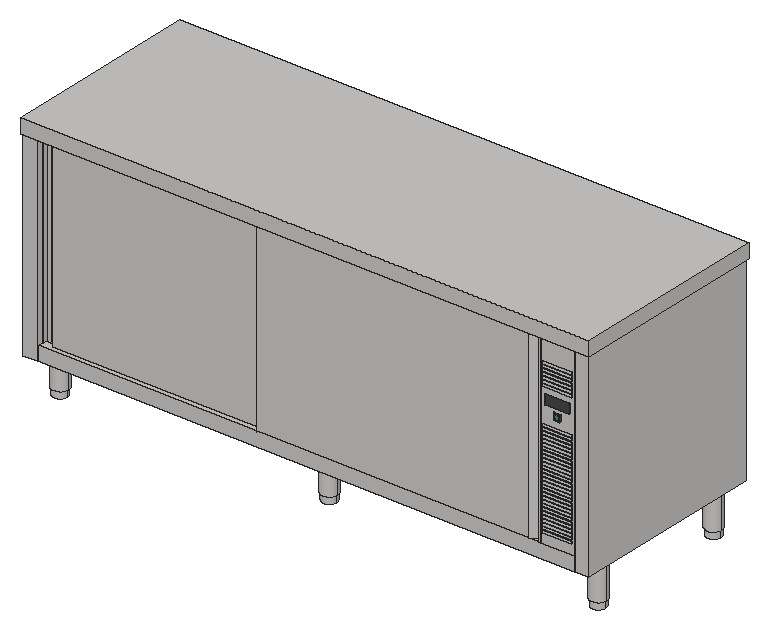
Revit family "QF_ZANUSSI_132790_MTC2000PN", category Attrezzature speciali, Revit 2020
Family settings
  Quota connettore circolare = Usa diametro
  Tipo di parte = Normale
  Basato su piano di lavoro = No
  Sempre verticale = Sì
  Taglio con vuoti quando caricato = No
  Condiviso = No
  Punto di calcolo locali = No
Parameters (values of type "Standard")
  Weight = 75.00 kg
  Watts = 2400 W
  Volts = 220 V
  URL Manufacturer = "http://www.zanussiprofessional.com"
  URL = "http://www.zanussiprofessional.com"
  Steam Supply Size = 0 mm
  Steam Supply Minimum Pressure = 0.0 Pa
  Steam Supply Maximum Pressure = 0.0 Pa
  Steam Consumption per Hour = 0
  Refrigeration Suction Line Size = 0.0 mm
  Refrigeration Liquid Line Size = 0.0 mm
  Refrigerant Compressor Remote = yes
  Prospetto di default = 0.0 mm
  Produttore = "Zanussi"
  Phase = 1
  Modello = "MTC2000PN"
  Length Actual = 2000.0 mm  # constant formula
  Item Number = "132790"
  Hot Water Size = 0 mm
  Height Actual = 900.0 mm  # constant formula
  HP = "3.2 HP"
  Gas Size = 0 mm
  Gas KW = 0
  Gas Input Pressure = 0 W
  Direct Waste Size = 0 mm
  Descrizione = "HOT CUPB.VENTIL.+SHELF+SLIDING D. 2000MM"
  Depth Actual = 700.0 mm  # constant formula
  Cycle = 50 Hz
  Condensate Return Size = 0 mm
  Compressed Air Volume = 0.0 L/s
  Compressed Air Size = 0 mm
  Compressed Air Pressure = 0.0 Pa
  Cold Water Size = 0 mm
  Accessory = yes
Reference planes
  plane 1 "Center (Front/Back)": y = 0
  plane 2: z = 0
  plane 3 "Center (Left/Right)": x = -500
  plane 4 "LEFT": x = -1500
  plane 5 "RIGHT": x = 500
  plane 6 "BACK": y = 350
  plane 7 "FRONT": y = -350
  plane 8 "Base": z = 850
  plane 9 "TOP": z = 900
  plane 10: x = -1446.5
  plane 11: x = 446.5
  plane 12: y = 264.5
  plane 13: y = -241.5
  plane 14 "BodyLeft": x = -1494.5
  plane 15 "BodyFront": y = -344.5
  plane 16 "BodyRight": x = 494.5
  plane 17 "BodyBack": y = 344.5
  plane 18 "FEET": z = 150
  plane 19: x = 324.5
  plane 20: x = -561
  plane 21: x = 444.5
  plane 22 "EIx": x = 400
  plane 23 "EIy": y = -170
Forms (mm)
  Extrusion 1, solid, material "QF_Finishes_Stainless Steel"
    sketch origin (-500, 0, 0) x (0, 1, 0) y (0, 0, 1)
      loop
        line (-350, 850) -> (350, 850) -> (350, 900) -> (-350, 900) -> (-350, 850)
    from 1000 to -1000
  Extrusion 2, solid, material "QF_Finishes_Stainless Steel"
    sketch origin (0, 0, 150) x (-1, 0, 0) y (0, -1, 0)
      loop
        line (1494.5, -344.5) -> (1494.5, 344.5) -> (1444.5, 344.5) -> (1444.5, -344.5) -> (1494.5, -344.5)
      loop
        line (-444.5, -344.5) -> (-444.5, 344.5) -> (-494.5, 344.5) -> (-494.5, -344.5) -> (-444.5, -344.5)
    from 0 to 700
  Extrusion 3, solid, material "QF_Finishes_Stainless Steel"
    sketch origin (0, 0, 150) x (-1, 0, 0) y (0, -1, 0)
      loop
        line (1444.5, -344.5) -> (1444.5, 344.5) -> (-444.5, 344.5) -> (-444.5, -344.5) -> (1444.5, -344.5)
    from 0 to 50
  Extrusion 4, solid, material "QF_Finishes_Stainless Steel"
    sketch origin (-1, 0, 150) x (-1, 0, 0) y (0, -1, 0)
      loop
        line (-325.5, 344.5) -> (-325.5, 324.5) -> (670.5, 324.5) -> (670.5, 344.5) -> (-285.5, 344.5) -> (-305.5, 329.5) -> (-320.5, 329.5) -> (-320.5, 344.5) -> (-325.5, 344.5)
    from 50 to 700
  Extrusion 5, solid, material "QF_Finishes_Stainless Steel"
    sketch origin (1, 20, 150) x (1, 0, 0) y (0, 1, 0)
      loop
        line (-1445.5, -344.5) -> (-1440.5, -344.5) -> (-1440.5, -329.5) -> (-1425.5, -329.5) -> (-1405.5, -344.5) -> (-451.5, -344.5) -> (-451.5, -324.5) -> (-1445.5, -324.5) -> (-1445.5, -344.5)
    from 50 to 700
  Extrusion 6, solid, material "QF_Finishes_Stainless Steel"
    sketch origin (0, 0, 0) x (1, 0, 0) y (0, 1, 0)
      loop
        line (-1444.5, -304.5) -> (324.5, -304.5) -> (324.5, 324.5) -> (-1444.5, 324.5) -> (-1444.5, -304.5)
    from 500 to 540
  Extrusion 7, solid, material "QF_Finishes_Stainless Steel"
    sketch origin (0, 0, 0) x (1, 0, 0) y (0, 1, 0)
      loop
        line (444.5, 344.5) -> (-1444.5, 344.5) -> (-1444.5, 324.5) -> (444.5, 324.5) -> (444.5, 344.5)
    from 200 to 850
  Extrusion 8, solid, material "QF_Finishes_Stainless Steel"
    sketch origin (0, 0, 150) x (-1, 0, 0) y (0, -1, 0)
      loop
        circle (-400, 170) r 10
    from 0 to -5
Cuts and joins
  joined: Extrusion 3, Extrusion 7
Lines and regions (mm)
  symbolic lines
    curve 1: line (500, 350, 900) -> (-1500, 350, 900)
    curve 2: line (-1500, 350, 900) -> (-1500, -350, 900)
    curve 3: line (-1500, -350, 900) -> (500, -350, 900)
    curve 4: line (500, -350, 900) -> (500, 350, 900)
  symbolic lines, style "SpecialityEquipmentHiddenLines"
    curve 5: line (-1494.5, 344.5, 150) -> (494.5, 344.5, 150)
    curve 6: line (-1494.5, -344.5, 150) -> (-1494.5, 344.5, 150)
    curve 7: line (494.5, -344.5, 150) -> (-1494.5, -344.5, 150)
    curve 8: line (494.5, 344.5, 150) -> (494.5, -344.5, 150)
    curve 9: line (-1445.5, -304.5, 150) -> (-449.5, -304.5, 150)
    curve 10: line (-449.5, -304.5, 150) -> (-449.5, -324.5, 150)
    curve 11: line (-1445.5, -324.5, 150) -> (444.5, -324.5, 150)
    curve 12: line (444.5, -324.5, 150) -> (444.5, -344.5, 150)
    curve 13: line (-1445.5, -304.5, 150) -> (-1445.5, -324.5, 150)
    curve 14: line (-671.5, -344.5, 0) -> (-671.5, -324.5, 0)
Dimensions and locks
  plane 4 "LEFT" to plane 5 "RIGHT" = 2000.0 mm
  equal spacing: plane 4 "LEFT", plane 3 "Center (Left/Right)", plane 5 "RIGHT"
  locked: plane 8 "Base" to level at 850
  plane 9 "TOP" to level = 900.0 mm
  plane 6 "BACK" to plane 7 "FRONT" = 700.0 mm
  equal spacing: plane 6 "BACK", plane 1 "Center (Front/Back)", plane 7 "FRONT"
  locked: plane 4 "LEFT" to plane 14 "BodyLeft" at 5.5
  locked: plane 16 "BodyRight" to plane 5 "RIGHT" at 5.5
  locked: plane 15 "BodyFront" to plane 7 "FRONT" at 5.5
  locked: plane 6 "BACK" to plane 17 "BodyBack" at 5.5
  locked: plane 14 "BodyLeft" to plane 10 at 48
  locked: plane 11 to plane 16 "BodyRight" at 48
  locked: plane 13 to plane 15 "BodyFront" at 103
  locked: plane 17 "BodyBack" to plane 12 at 80
  plane 10 to plane 11 = 1893.0 mm
  plane 12 to plane 13 = 506.0 mm
  locked: plane 14 "BodyLeft" to Extrusion 2 sketch curve at 50
  locked: Extrusion 2 sketch curve to Extrusion 2 sketch curve at 50
  equal spacing: plane 10, plane 20, plane 19
  locked: plane 21 to plane 16 "BodyRight" at 50
  locked: plane 19 to plane 21 at 120
  locked: Extrusion 4 sketch curve to plane 20 at 110.5
  locked: plane 20 to Extrusion 5 sketch curve at 110.5
  locked: plane 18 "FEET" to level at 150
  locked: plane 22 "EIx" to plane 5 "RIGHT" at 100
  plane 23 "EIy" to plane 7 "FRONT" = 180.0 mm
  aligned and locked: level to plane 2
  aligned and locked: plane 10 to nested 1
  aligned and locked: nested 1 to plane 13
  aligned and locked: plane 11 to nested 2
  aligned and locked: nested 2 to plane 13
  aligned and locked: plane 11 to nested 4
  aligned and locked: nested 4 to plane 12
  aligned and locked: plane 10 to nested 3
  aligned and locked: nested 3 to plane 12
  aligned and locked: Extrusion 1 to plane 4 "LEFT"
  aligned and locked: plane 5 "RIGHT" to Extrusion 1
  aligned and locked: curve 2 to plane 4 "LEFT"
  aligned and locked: plane 17 "BodyBack" to Extrusion 2 sketch curve
  aligned and locked: Extrusion 2 sketch curve to plane 15 "BodyFront"
  aligned and locked: Extrusion 2 sketch curve to plane 14 "BodyLeft"
  aligned and locked: plane 16 "BodyRight" to Extrusion 2 sketch curve
  aligned and locked: Extrusion 2 sketch curve to plane 17 "BodyBack"
  aligned and locked: plane 15 "BodyFront" to Extrusion 2 sketch curve
  aligned and locked: Extrusion 3 sketch curve to plane 17 "BodyBack"
  aligned and locked: plane 15 "BodyFront" to Extrusion 3 sketch curve
  aligned and locked: plane 8 "Base" to Extrusion 2
  aligned and locked: plane 8 "Base" to Extrusion 4
  aligned and locked: Extrusion 4 to Extrusion 3
  aligned and locked: Extrusion 1 to plane 8 "Base"
  aligned and locked: plane 9 "TOP" to Extrusion 1
  aligned and locked: curve 5 to plane 17 "BodyBack"
  aligned and locked: plane 14 "BodyLeft" to curve 6
  aligned and locked: plane 15 "BodyFront" to curve 7
  aligned and locked: plane 16 "BodyRight" to curve 8
  aligned and locked: Extrusion 3 to Extrusion 2  (x2)
  aligned and locked: Extrusion 6 sketch curve to Extrusion 2
  aligned and locked: Extrusion 6 sketch curve to Extrusion 5
  aligned and locked: nested 5 to plane 21
  aligned and locked: Extrusion 7 sketch curve to Extrusion 2
  aligned and locked: Extrusion 6 sketch curve to plane 19
  aligned and locked: plane 3 "Center (Left/Right)" to nested 6
  aligned and locked: plane 3 "Center (Left/Right)" to nested 7
Automatic sketch dimensions
  curve 14 to plane 15 "BodyFront" = 0.0 mm
  plane 15 "BodyFront" to curve 14 = 20.0 mm
  curve 14 to plane 20 = 110.5 mm
  curve 3 to plane 7 "FRONT" = 0.0 mm
  curve 4 to plane 6 "BACK" = 0.0 mm
  Extrusion 1 sketch curve to plane 7 "FRONT" = 0.0 mm
  Extrusion 1 sketch curve to plane 6 "BACK" = 0.0 mm
  Extrusion 1 sketch curve to plane 8 "Base" = 0.0 mm
  Extrusion 1 sketch curve to plane 9 "TOP" = 0.0 mm
  Extrusion 3 sketch curve to plane 21 = 0.0 mm
  plane 10 to Extrusion 3 sketch curve = 2.0 mm
  Extrusion 4 sketch curve to plane 19 = 0.0 mm
  Extrusion 4 sketch curve to plane 15 "BodyFront" = 0.0 mm  (x2)
  Extrusion 4 sketch curve to Extrusion 4 sketch curve = 5.0 mm
  Extrusion 4 sketch curve to Extrusion 4 sketch curve = 15.0 mm  (x2)
  Extrusion 4 sketch curve to Extrusion 4 sketch curve = 20.0 mm  (x2)
  Extrusion 5 sketch curve to plane 15 "BodyFront" = 20.0 mm  (x2)
  Extrusion 5 sketch curve to plane 10 = 42.0 mm
  Extrusion 5 sketch curve to plane 10 = 22.0 mm
  Extrusion 5 sketch curve to plane 10 = 7.0 mm
  Extrusion 5 sketch curve to plane 10 = 2.0 mm
  Extrusion 5 sketch curve to Extrusion 5 sketch curve = 15.0 mm
  Extrusion 5 sketch curve to Extrusion 5 sketch curve = 20.0 mm
  curve 12 to plane 21 = 0.0 mm
  curve 7 to plane 15 "BodyFront" = 0.0 mm
  plane 3 "Center (Left/Right)" to curve 9 = 50.5 mm
  plane 10 to curve 11 = 1.0 mm
  plane 15 "BodyFront" to curve 9 = 40.0 mm
  curve 11 to curve 12 = 20.0 mm
  plane 12 to Extrusion 6 sketch curve = 60.0 mm
  Extrusion 7 sketch curve to plane 17 "BodyBack" = 0.0 mm
  Extrusion 7 sketch curve to plane 21 = 0.0 mm
  Extrusion 7 sketch curve to plane 17 "BodyBack" = 20.0 mm
  curve 4 to plane 5 "RIGHT" = 0.0 mm
  Extrusion 8 sketch curve to plane 22 "EIx" = 0.0 mm
  Extrusion 8 sketch curve to plane 23 "EIy" = 0.0 mm
  radius of Extrusion 8 sketch curve = 10.0 mm
Nested families
  nested 1: "FEET_D58-150" at (-1446.5, -241.5, 0), type "FEET_D58-150"
  nested 2: "FEET_D58-150" at (446.5, -241.5, 0), type "FEET_D58-150"
  nested 3: "FEET_D58-150" at (-1446.5, 264.5, 0), type "FEET_D58-150"
  nested 4: "FEET_D58-150" at (446.5, 264.5, 0), type "FEET_D58-150"
  nested 5: "WT_PNL120x650" at (531.42, -304.5, 600) x (1, 0, 0) z (0, -1, 0), type "WT_PNL120x650"
    with Show Logo yes
  nested 6: "FEET_D58-150" at (-500, -241.5, 0), type "FEET_D58-150"
  nested 7: "FEET_D58-150" at (-500, 264.5, 0), type "FEET_D58-150"
Connectors
  electrical at (400, -170, 145)
    settings: on Extrusion 8, index 1, voltage 0 V, apparent load 0 VA, apparent load phase1 0 VA, apparent load phase2 0 VA, apparent load phase3 0 VA, power factor 1, load classification "Other", number of poles 1, system type 30, power factor state 1, is connector primary yes, connector utility no, sub classification motor no, connector description "Electrical connection"
Definition of nested family "FEET_D58-150"
  Parameters
    Default Elevation = 0.0 mm
    FEET = 150.0 mm
  Reference planes
    plane 1 "Center (Front/Back)": y = 0
    plane 2: z = 0
    plane 3 "Center (Left/Right)": x = 0
    plane 4: z = 150
  Forms (mm)
    Extrusion 1, solid
      sketch origin (0, 0, 0) x (1, 0, 0) y (0, 1, 0)
        loop
          circle (0, 0) r 25
      from 0 to 25
    Extrusion 2, solid
      sketch origin (0, 0, 0) x (1, 0, 0) y (0, 1, 0)
        loop
          circle (0.061, 0) r 29
      from 25 to 150 <- "FEET"
  Lines and regions (mm)
    symbolic lines
      curve 1: line (0, -1.503, 0) -> (0, 1.508, 0)
      curve 2: line (1.561, 0, 0) -> (-1.439, 0, 0)
  Dimensions and locks
    "FEET": plane 4 to plane 2
    aligned and locked: level to plane 2
  Automatic sketch dimensions
    plane 1 "Center (Front/Back)" to Extrusion 1 sketch curve = 0.0 mm
    Extrusion 1 sketch curve to plane 3 "Center (Left/Right)" = 0.0 mm
    plane 1 "Center (Front/Back)" to curve 2 = 0.0 mm
    curve 1 to plane 3 "Center (Left/Right)" = 0.0 mm
    curve 2 to plane 3 "Center (Left/Right)" = 1.439 mm
    plane 3 "Center (Left/Right)" to curve 2 = 1.561 mm
    plane 1 "Center (Front/Back)" to curve 1 = 1.503 mm
    curve 1 to plane 1 "Center (Front/Back)" = 1.508 mm
    plane 1 "Center (Front/Back)" to Extrusion 2 sketch curve = 0.0 mm
    plane 3 "Center (Left/Right)" to Extrusion 2 sketch curve = 0.061 mm
    radius of Extrusion 1 sketch curve = 25.0 mm
    radius of Extrusion 2 sketch curve = 29.0 mm
Definition of nested family "WT_PNL120x650"
  Parameters
    Show Logo [instance] = yes
    Default Elevation = 1219.2 mm
  Reference planes
    plane 1 "Center (Front/Back)": y = -75
    plane 2: z = 0
    plane 3 "Center (Left/Right)": x = -146.92
    plane 4: x = -206.92
    plane 5: x = -86.92
    plane 6: y = 250
    plane 7: y = -400
    plane 8 "TOP": z = 40
  Forms (mm)
    Extrusion 1, solid
      sketch origin (0, 0, 0) x (1, 0, 0) y (0, 1, 0)
        loop
          line (-1219.2, 1219.2) -> (-1219.2, -1219.2) -> (1219.2, -1219.2) -> (1219.2, 1219.2) -> (-1219.2, 1219.2)
      from 0 to -304.8
    Extrusion 2, solid
      sketch origin (0, 0, 0) x (1, 0, 0) y (0, 1, 0)
        loop
          line (-206.92, 250) -> (-206.92, -400) -> (-86.92, -400) -> (-86.92, 250) -> (-206.92, 250)
      from 0 to 40
    Extrusion 3, void
      sketch origin (0, 0, 40) x (-1, 0, 0) y (0, -1, 0)
        loop
          arc (101.92, -68.899) -> (103.795, -73.256) -> (108.247, -74.89) r 6
          line (108.247, -74.89) -> (185.92, -74.89)
          arc (185.92, -74.89) -> (190.163, -73.133) -> (191.92, -68.89) r 6
          line (191.92, -68.89) -> (191.92, -45.89)
          arc (191.92, -45.89) -> (190.163, -41.648) -> (185.92, -39.89) r 6
          line (185.92, -39.89) -> (107.92, -39.89)
          arc (107.92, -39.89) -> (103.677, -41.648) -> (101.92, -45.89) r 6
          line (101.92, -45.89) -> (101.92, -68.899)
        loop
          line (158.92, -27.89) -> (158.92, -2.89) -> (134.92, -2.89) -> (134.92, -27.89) -> (158.92, -27.89)
      from -2 to 0
    Extrusion 4, solid
      sketch origin (0, 0, 40) x (-1, 0, 0) y (0, -1, 0)
        loop
          line (185.92, -39.89) -> (107.92, -39.89)
          arc (107.92, -39.89) -> (103.677, -41.648) -> (101.92, -45.89) r 6
          line (101.92, -45.89) -> (101.92, -68.899)
          arc (101.92, -68.899) -> (103.795, -73.256) -> (108.247, -74.89) r 6
          line (108.247, -74.89) -> (185.92, -74.89)
          arc (185.92, -74.89) -> (190.163, -73.133) -> (191.92, -68.89) r 6
          line (191.92, -68.89) -> (191.92, -45.89)
          arc (191.92, -45.89) -> (190.163, -41.648) -> (185.92, -39.89) r 6
      from -2 to 1
    Extrusion 5, solid
      sketch origin (-146.92, 0, 0) x (0, 1, 0) y (0, 0, 1)
        loop
          line (95.896, 40) -> (104.899, 40) -> (95.896, 41.206) -> (95.896, 40)
        loop
          line (107.896, 40) -> (116.899, 40) -> (107.896, 41.206) -> (107.896, 40)
        loop
          line (119.896, 40) -> (128.899, 40) -> (119.896, 41.206) -> (119.896, 40)
        loop
          line (131.896, 40) -> (140.899, 40) -> (131.896, 41.206) -> (131.896, 40)
        loop
          line (143.896, 40) -> (152.899, 40) -> (143.896, 41.206) -> (143.896, 40)
        loop
          line (155.896, 40) -> (164.899, 40) -> (155.896, 41.206) -> (155.896, 40)
        loop
          line (167.896, 40) -> (176.899, 40) -> (167.896, 41.206) -> (167.896, 40)
        loop
          line (-102.104, 40) -> (-93.101, 40) -> (-102.104, 41.206) -> (-102.104, 40)
        loop
          line (-90.104, 40) -> (-81.101, 40) -> (-90.104, 41.206) -> (-90.104, 40)
        loop
          line (-78.104, 40) -> (-69.101, 40) -> (-78.104, 41.206) -> (-78.104, 40)
        loop
          line (-66.104, 40) -> (-57.101, 40) -> (-66.104, 41.206) -> (-66.104, 40)
        loop
          line (-54.104, 40) -> (-45.101, 40) -> (-54.104, 41.206) -> (-54.104, 40)
        loop
          line (-42.104, 40) -> (-33.101, 40) -> (-42.104, 41.206) -> (-42.104, 40)
        loop
          line (-30.104, 40) -> (-21.101, 40) -> (-30.104, 41.206) -> (-30.104, 40)
        loop
          line (-174.104, 40) -> (-165.101, 40) -> (-174.104, 41.206) -> (-174.104, 40)
        loop
          line (-162.104, 40) -> (-153.101, 40) -> (-162.104, 41.206) -> (-162.104, 40)
        loop
          line (-150.104, 40) -> (-141.101, 40) -> (-150.104, 41.206) -> (-150.104, 40)
        loop
          line (-138.104, 40) -> (-129.101, 40) -> (-138.104, 41.206) -> (-138.104, 40)
        loop
          line (-126.104, 40) -> (-117.101, 40) -> (-126.104, 41.206) -> (-126.104, 40)
        loop
          line (-114.104, 40) -> (-105.101, 40) -> (-114.104, 41.206) -> (-114.104, 40)
        loop
          line (-246.104, 40) -> (-237.101, 40) -> (-246.104, 41.206) -> (-246.104, 40)
        loop
          line (-234.104, 40) -> (-225.101, 40) -> (-234.104, 41.206) -> (-234.104, 40)
        loop
          line (-222.104, 40) -> (-213.101, 40) -> (-222.104, 41.206) -> (-222.104, 40)
        loop
          line (-210.104, 40) -> (-201.101, 40) -> (-210.104, 41.206) -> (-210.104, 40)
        loop
          line (-198.104, 40) -> (-189.101, 40) -> (-198.104, 41.206) -> (-198.104, 40)
        loop
          line (-186.104, 40) -> (-177.101, 40) -> (-186.104, 41.206) -> (-186.104, 40)
        loop
          line (-318.104, 40) -> (-309.101, 40) -> (-318.104, 41.206) -> (-318.104, 40)
        loop
          line (-306.104, 40) -> (-297.101, 40) -> (-306.104, 41.206) -> (-306.104, 40)
        loop
          line (-294.104, 40) -> (-285.101, 40) -> (-294.104, 41.206) -> (-294.104, 40)
        loop
          line (-282.104, 40) -> (-273.101, 40) -> (-282.104, 41.206) -> (-282.104, 40)
        loop
          line (-270.104, 40) -> (-261.101, 40) -> (-270.104, 41.206) -> (-270.104, 40)
        loop
          line (-258.104, 40) -> (-249.101, 40) -> (-258.104, 41.206) -> (-258.104, 40)
        loop
          line (-366.104, 40) -> (-357.101, 40) -> (-366.104, 41.206) -> (-366.104, 40)
        loop
          line (-354.104, 40) -> (-345.101, 40) -> (-354.104, 41.206) -> (-354.104, 40)
        loop
          line (-342.104, 40) -> (-333.101, 40) -> (-342.104, 41.206) -> (-342.104, 40)
        loop
          line (-330.104, 40) -> (-321.101, 40) -> (-330.104, 41.206) -> (-330.104, 40)
      from -50 to 50
    Extrusion 6, solid
      sketch origin (0, 0, 40) x (-1, 0, 0) y (0, -1, 0)
        loop
          line (134.92, -27.89) -> (158.92, -27.89) -> (158.92, -2.89) -> (134.92, -2.89) -> (134.92, -27.89)
        loop
          circle (146.92, -15.39) r 9
      from -2 to 3
    Extrusion 7, solid
      sketch origin (0, 0, 40) x (-1, 0, 0) y (0, -1, 0)
        loop
          circle (146.92, -15.39) r 9
      from 0 to 3
  Cuts and joins
    Extrusion 3 cuts Extrusion 2
  Dimensions and locks
    equal spacing: plane 6, plane 1 "Center (Front/Back)", plane 7
    equal spacing: plane 4, plane 3 "Center (Left/Right)", plane 5
    plane 8 "TOP" to level = 40.0 mm
    aligned and locked: plane 2 to Extrusion 1
    aligned and locked: level to Extrusion 1
  Automatic sketch dimensions
    Extrusion 1 sketch curve to Extrusion 1 sketch curve = 2438.4 mm  (x2)
    Extrusion 2 sketch curve to plane 4 = 0.0 mm
    Extrusion 2 sketch curve to plane 5 = 0.0 mm
    Extrusion 2 sketch curve to plane 7 = 0.0 mm
    Extrusion 2 sketch curve to plane 6 = 0.0 mm
    Extrusion 5 sketch curve to plane 8 "TOP" = 0.0 mm  (x36)
    Extrusion 5 sketch curve to Extrusion 5 sketch curve = 9.003 mm  (x35)
    plane 8 "TOP" to Extrusion 5 sketch curve = 1.206 mm  (x22)
    Extrusion 5 sketch curve to Extrusion 5 sketch curve = 2.997 mm  (x33)
    plane 1 "Center (Front/Back)" to Extrusion 5 sketch curve = 6.101 mm
    plane 1 "Center (Front/Back)" to Extrusion 5 sketch curve = 3.104 mm
    Extrusion 5 sketch curve to plane 1 "Center (Front/Back)" = 5.899 mm
    Extrusion 5 sketch curve to Extrusion 5 sketch curve = 116.997 mm
    Extrusion 5 sketch curve to Extrusion 5 sketch curve = 1.206 mm  (x14)
    Extrusion 4 sketch curve to plane 5 = 15.0 mm
    Extrusion 4 sketch curve to Extrusion 4 sketch curve = 6.0 mm  (x3)
    Extrusion 4 sketch curve to Extrusion 4 sketch curve = 0.327 mm
    plane 4 to Extrusion 4 sketch curve = 21.0 mm  (x2)
    Extrusion 4 sketch curve to plane 1 "Center (Front/Back)" = 149.89 mm
    Extrusion 4 sketch curve to Extrusion 4 sketch curve = 23.009 mm
    Extrusion 3 sketch curve to plane 5 = 15.0 mm
    Extrusion 3 sketch curve to Extrusion 3 sketch curve = 6.0 mm  (x3)
    Extrusion 3 sketch curve to Extrusion 3 sketch curve = 0.327 mm
    plane 3 "Center (Left/Right)" to Extrusion 3 sketch curve = 12.0 mm
    Extrusion 3 sketch curve to plane 3 "Center (Left/Right)" = 12.0 mm
    plane 4 to Extrusion 3 sketch curve = 21.0 mm  (x2)
    Extrusion 3 sketch curve to plane 1 "Center (Front/Back)" = 149.89 mm
    Extrusion 3 sketch curve to Extrusion 3 sketch curve = 23.0 mm
    Extrusion 3 sketch curve to Extrusion 3 sketch curve = 12.0 mm
    Extrusion 3 sketch curve to Extrusion 3 sketch curve = 25.0 mm
    Extrusion 6 sketch curve to plane 3 "Center (Left/Right)" = 0.0 mm
    plane 3 "Center (Left/Right)" to Extrusion 6 sketch curve = 12.0 mm
    Extrusion 6 sketch curve to plane 3 "Center (Left/Right)" = 12.0 mm
    Extrusion 6 sketch curve to plane 1 "Center (Front/Back)" = 102.89 mm
    Extrusion 6 sketch curve to Extrusion 6 sketch curve = 12.5 mm  (x2)
    Extrusion 7 sketch curve to plane 3 "Center (Left/Right)" = 0.0 mm
    Extrusion 7 sketch curve to plane 1 "Center (Front/Back)" = 90.39 mm
    radius of Extrusion 6 sketch curve = 9.0 mm
    radius of Extrusion 7 sketch curve = 9.0 mm
